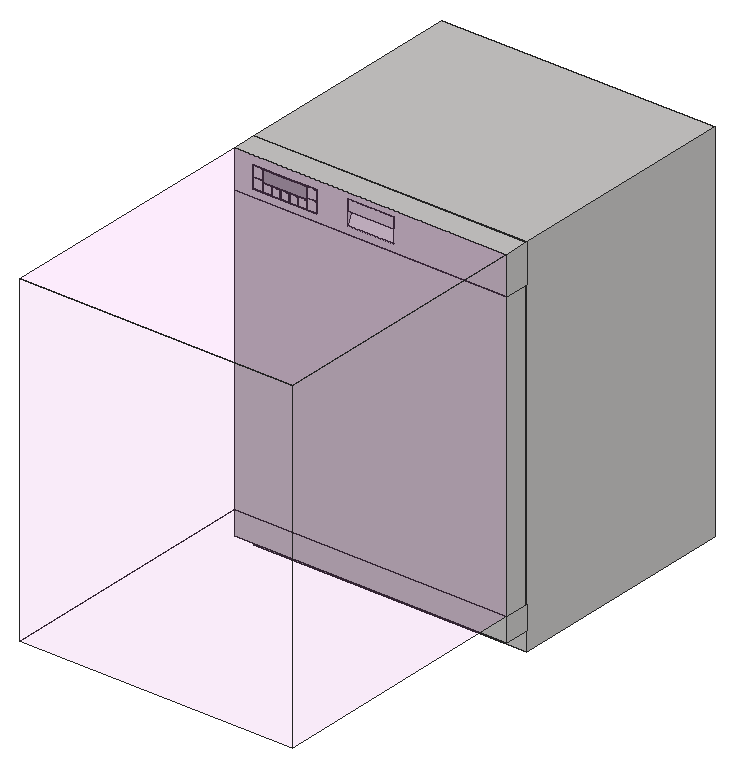
Revit family "QF_Summit_DW2435SSADA_Dishwasher", category Specialty Equipment, Revit 2020
Family settings
  Round Connector Dimension = Use Diameter
  Part Type = Normal
  Work Plane-Based = No
  Always vertical = Yes
  Cut with Voids When Loaded = No
  Shared = No
  Room Calculation Point = No
Parameters
  Weight in Pounds = 95
  Watts = if(Phase = 3, Volts * FL Amps * 1.73, Volts * FL Amps)  # 1380 W
  Waste Water Discharge Temperature = -459.67 °F
  Volts = 115 V
  URL Cutsheet = ""
  Specification by User = ""
  Specification by Manufacturer = ""
  Show Door Clearance [instance] = yes
  Serial Number = ""
  Seismic Rating = ""
  SMACNA No = ""
  Revision Code = ""
  Plumbing Remarks = ""
  Plumbing Connection Type = ""
  Phase = 1
  Number of Poles = 1
  NAFEM Spec ID Number = ""
  Model = "DW2435SSADA"
  Min Ckt Ampacity = 0 A
  Max Overcurrent Protection = 0 A
  Masterspec = ""
  Manufacturer = "Summit"
  Length = 23 1/2"
  Item Number = ""
  Installed By = ""
  Indirect Waste Size = 1/2"
  Indirect Waste Flow = 0 GPM
  Indirect Waste Connection Type = ""
  Indirect Waste Connection Height = 0"
  Identify Quantity as Lot = yes
  Height [instance] = 32"
  HP = ""
  Furnished By = ""
  Foodservice Equipment Identifier = yes
  FL Amps = 12 A
  Electrical Remarks = ""
  Electric Connection Type = ""
  Elec Conn RI Height = 0"
  Elec Conn Connection Height = 0"
  Description = "Dishwasher"
  Depth = 22 3/8"
  Default Elevation = 0"
  Cycle = 60 Hz
  Conn Plug = ""
  Conn Conduit = yes
  Cold Water Temperature Recommended = -459.67 °F
  Cold Water Size = 1/2"
  Cold Water RI Height = 0"
  Cold Water Minimum Pressure = 0.00 psi
  Cold Water Maximum Pressure = 0.00 psi
  Cold Water Flow = 0 GPM
  Cold Water Consumption = ""
  Cold Water Connection Height = 0"
  CSI MasterFormat = ""
  Apparent Power = if(Phase = 3, Volts * FL Amps * 1.73, Volts * FL Amps)  # 1380 VA
Reference planes (in)
  plane 1 "BACK": y = 0
  plane 2: z = 0
  plane 3 "LEFT": x = 0
  plane 4 "RIGHT": x = 23.5
  plane 5 "FRONT": y = -22.375
  plane 6 "TOP": z = 32
  plane 7 "Center Y": x = 11.75
  plane 8 "Center X": y = -11.1875
  plane 9: y = -20.25
  plane 10: y = -45.5
  plane 11: z = 4
  plane 12: z = 28.75
  plane 13: z = 0.375
Forms (in)
  Extrusion 1, solid, material "QF_Metal_Stainless_Polished"
    sketch origin (20.625, -22.375, 4.125) x (-1, 0, 0) y (0, 0, -1)
      loop
        line (10.85346, -27.375) -> (10.85346, -26.42763) -> (6.89844, -26.42763) -> (6.89844, -27.375) -> (10.85346, -27.375)
    from 0 to -0.0625
  Extrusion 2, solid, material "QF_Metal_Stainless_Polished"
    sketch origin (-8.01619, -180, -0.125) x (-1, 0, 0) y (0, -1, 0)
      loop
        line (-8.01619, -180) -> (-8.01619, -159.75) -> (-31.51619, -159.75) -> (-31.51619, -180) -> (-8.01619, -180)
    from 0.5 to 32.125
  Extrusion 3, solid, material "QF_Metal_Stainless_Polished"
    sketch origin (-9.94716, -22.5, 45.75) x (-1, 0, 0) y (0, 0, 1)
      loop
        line (-9.94716, -17) -> (-33.44716, -17) -> (-33.44716, -41.75) -> (-9.94716, -41.75) -> (-9.94716, -17)
    from 0.125 to 2
  Extrusion 4, solid, material "QF_Metal_Stainless_Polished"
    sketch origin (-9.94716, -20.5, 45.75) x (-1, 0, 0) y (0, 0, 1)
      loop
        line (-10.44716, -17.5) -> (-32.94716, -17.5) -> (-32.94716, -41.25) -> (-10.44716, -41.25) -> (-10.44716, -17.5)
    from 0 to 0.25
  Extrusion 5, solid, material "QF_Metal_Stainless_Polished"
    sketch origin (7.59129, 0, -2.09375) x (1, 0, 0) y (0, 0, 1)
      loop
        circle (3.97121, 3.73901) r 0.5
    from 0 to -0.25
  Extrusion 6, solid, material "QF_Metal_Stainless_Polished"
    sketch origin (-1.34375, 0, -2.09375) x (1, 0, 0) y (0, 0, 1)
      loop
        circle (6.84621, 3.73901) r 0.5
    from 0 to -0.25
  Extrusion 7, solid, material "QF_Metal_Stainless_Polished"
    sketch origin (7.67307, 0, -2.09375) x (1, 0, 0) y (0, 0, 1)
      loop
        circle (6.87746, 3.73901) r 0.34934
    from 0 to -0.25
  Extrusion 8, solid, material "QF_Clearances_Door_Drawer", visible <- "Show Door Clearance"
    sketch origin (-8.01619, -180, 3.625) x (-1, 0, 0) y (0, -1, 0)
      loop
        line (-8.01619, -157.625) -> (-8.01619, -134.5) -> (-31.51619, -134.5) -> (-31.51619, -157.625) -> (-8.01619, -157.625)
    from 0.375 to 28.375
  Extrusion 9, solid, material "QF_Metal_Stainless_Polished"
    sketch origin (23.5, -20.25, -0.125) x (-1, 0, 0) y (0, 0, -1)
      loop
        line (23.5, -32.125) -> (23.5, -28.875) -> (0, -28.875) -> (0, -32.125) -> (23.5, -32.125)
    from 0 to 2.125
  Extrusion 10, void
    sketch origin (11.75, 6.90541, 45.75) x (0, 1, 0) y (0, 0, 1)
      loop
        line (-29.28041, -14.25) -> (-29.28041, -16.33224) -> (-28.43913, -14.25) -> (-29.28041, -14.25)
    from -1.97846 to 1.97656
  Extrusion 11, solid, material "QF_Plastic_Black_Smooth"
    sketch origin (0.875, -22.375, -0.125) x (1, 0, 0) y (0, 0, 1)
      loop
        line (6.23659, 31.38651) -> (0.73659, 31.38651) -> (0.73659, 30.44901) -> (0.73659, 29.54276) -> (6.23659, 29.54276) -> (6.23659, 30.44901) -> (6.23659, 31.38651)
      loop
        line (5.39456, 30.26151) -> (4.63884, 30.26151) -> (4.63884, 29.57401) -> (5.39456, 29.57401) -> (5.39456, 30.26151)
      loop
        line (3.88884, 30.26151) -> (3.88884, 29.57401) -> (4.60759, 29.57401) -> (4.60759, 30.26151) -> (3.88884, 30.26151)
      loop
        line (5.42581, 31.35526) -> (5.42581, 30.48026) -> (6.20534, 30.48026) -> (6.20534, 31.35526) -> (5.42581, 31.35526)
      loop
        line (5.42581, 29.57401) -> (6.20534, 29.57401) -> (6.20534, 30.44901) -> (5.42581, 30.44901) -> (5.42581, 29.57401)
      loop
        line (3.85759, 30.26151) -> (3.48659, 30.26151) -> (3.11558, 30.26151) -> (3.11558, 29.57401) -> (3.85759, 29.57401) -> (3.85759, 30.26151)
      loop
        line (5.39456, 31.35526) -> (3.48826, 31.35526) -> (1.57862, 31.35526) -> (1.57862, 30.29276) -> (5.39456, 30.29276) -> (5.39456, 31.35526)
      loop
        line (1.57862, 30.26151) -> (1.57862, 29.57401) -> (2.33433, 29.57401) -> (2.33433, 30.26151) -> (1.57862, 30.26151)
      loop
        line (3.08433, 30.26151) -> (2.36558, 30.26151) -> (2.36558, 29.57401) -> (3.08433, 29.57401) -> (3.08433, 30.26151)
      loop
        line (1.54737, 31.35526) -> (0.76784, 31.35526) -> (0.76784, 30.48026) -> (1.54737, 30.48026) -> (1.54737, 31.35526)
      loop
        line (1.54737, 29.57401) -> (1.54737, 30.44901) -> (0.76784, 30.44901) -> (0.76784, 29.57401) -> (1.54737, 29.57401)
    from 0 to 0.03125
  Extrusion 12, solid, material "QF_Metal_Stainless_Polished"
    sketch origin (0.875, -22.375, -0.125) x (1, 0, 0) y (0, 0, 1)
      loop
        line (6.20534, 31.35526) -> (5.42581, 31.35526) -> (5.42581, 30.48026) -> (6.20534, 30.48026) -> (6.20534, 31.35526)
      loop
        line (5.42581, 30.44901) -> (5.42581, 29.57401) -> (6.20534, 29.57401) -> (6.20534, 30.44901) -> (5.42581, 30.44901)
      loop
        line (4.63884, 30.26151) -> (4.63884, 29.57401) -> (5.39456, 29.57401) -> (5.39456, 30.26151) -> (4.63884, 30.26151)
      loop
        line (4.60759, 30.26151) -> (3.88884, 30.26151) -> (3.88884, 29.57401) -> (4.60759, 29.57401) -> (4.60759, 30.26151)
      loop
        line (3.11558, 30.26151) -> (3.11558, 29.57401) -> (3.85759, 29.57401) -> (3.85759, 30.26151) -> (3.11558, 30.26151)
      loop
        line (3.08433, 30.26151) -> (2.36558, 30.26151) -> (2.36558, 29.57401) -> (3.08433, 29.57401) -> (3.08433, 30.26151)
      loop
        line (2.33433, 30.26151) -> (1.57862, 30.26151) -> (1.57862, 29.57401) -> (2.33433, 29.57401) -> (2.33433, 30.26151)
      loop
        line (0.76784, 29.57401) -> (1.54737, 29.57401) -> (1.54737, 30.44901) -> (0.76784, 30.44901) -> (0.76784, 29.57401)
      loop
        line (0.76784, 31.35526) -> (0.76784, 30.48026) -> (1.54737, 30.48026) -> (1.54737, 31.35526) -> (0.76784, 31.35526)
    from 0 to 0.03125
  Extrusion 13, solid, material "QF_Plastic_Gray"
    sketch origin (0.66118, -22.375, -0.125) x (1, 0, 0) y (0, 0, 1)
      loop
        line (5.60838, 31.35526) -> (1.79244, 31.35526) -> (1.79244, 30.29276) -> (5.60838, 30.29276) -> (5.60838, 31.35526)
    from 0 to 0.03125
  Extrusion 14, solid, material "QF_Metal_Stainless_Polished"
    sketch origin (23.5, -20.25, -0.5625) x (-1, 0, 0) y (0, 0, -1)
      loop
        line (23.5, -2.5625) -> (0, -2.5625) -> (0, -4.5625) -> (23.5, -4.5625) -> (23.5, -2.5625)
    from 0 to 2.125
  Revolve 15, solid, material "QF_Metal_Stainless_Polished"
    sketch origin (0, -2, -1.75) x (1, 0, 0) y (0, 0, 1)
      loop
        line (1.73437, 1.75) -> (1.73437, 2.125) -> (1.1733, 2.125) -> (1.1733, 2) -> (1, 2) -> (1, 1.75) -> (1.73437, 1.75)
      axis (1.73437, 2.125) -> (1.73437, 1.75)
    angle from 0 to 360
  Revolve 16, solid, material "QF_Metal_Stainless_Polished"
    sketch origin (0, -18.25, -1.75) x (1, 0, 0) y (0, 0, 1)
      loop
        line (1.73437, 1.75) -> (1.73437, 2.125) -> (1.1733, 2.125) -> (1.1733, 2) -> (1, 2) -> (1, 1.75) -> (1.73437, 1.75)
      axis (1.73437, 2.125) -> (1.73437, 1.75)
    angle from 0 to 360
  Revolve 17, solid, material "QF_Metal_Stainless_Polished"
    sketch origin (23.5, -2, -1.75) x (-1, 0, 0) y (0, 0, -1)
      loop
        line (1.73437, -1.75) -> (1, -1.75) -> (1, -2) -> (1.1733, -2) -> (1.1733, -2.125) -> (1.73437, -2.125) -> (1.73437, -1.75)
      axis (1.73437, -2.125) -> (1.73437, -1.75)
    angle from 0 to 360
  Revolve 18, solid, material "QF_Metal_Stainless_Polished"
    sketch origin (23.5, -18.25, -1.75) x (-1, 0, 0) y (0, 0, -1)
      loop
        line (1.73437, -1.75) -> (1, -1.75) -> (1, -2) -> (1.1733, -2) -> (1.1733, -2.125) -> (1.73437, -2.125) -> (1.73437, -1.75)
      axis (1.73437, -2.125) -> (1.73437, -1.75)
    angle from 0 to 360
Cuts and joins
  Extrusion 10 cuts Extrusion 8
  Extrusion 10 cuts Extrusion 9
Lines and regions (in)
  symbolic lines
    curve 1: line (0, 0, 0) -> (23.5, 0, 0)
    curve 2: line (0, -22.375, 0) -> (0, 0, 0)
    curve 3: line (23.5, -22.375, 0) -> (0, -22.375, 0)
    curve 4: line (23.5, 0, 0) -> (23.5, -22.375, 0)
    curve 5: line (23.5, -20.25, 0) -> (0, -20.25, 0)
  symbolic lines, style "QF_Clearances_Door_Drawer", visible <- "Show Door Clearance"
    curve 6: line (0, -22.375, 0) -> (0, -45.5, 0)
    curve 7: line (0, -45.5, 0) -> (23.5, -45.5, 0)
    curve 8: line (23.5, -45.5, 0) -> (23.5, -22.375, 0)
Dimensions and locks (in)
  equal spacing: plane 3 "LEFT", plane 7 "Center Y", plane 4 "RIGHT"
  "Length": plane 3 "LEFT" to plane 4 "RIGHT"
  equal spacing: plane 5 "FRONT", plane 8 "Center X", plane 1 "BACK"
  "Depth": plane 5 "FRONT" to plane 1 "BACK"
  "Height": plane 6 "TOP" to level
  plane 9 to plane 1 "BACK" = 20 1/4"
  plane 10 to plane 1 "BACK" = 45 1/2"
  locked: plane 6 "TOP" to plane 11 at 28
  plane 4 "RIGHT" to plane 3 "LEFT" = 23 1/2"
  locked: plane 6 "TOP" to plane 12 at 3.25
  locked: plane 13 to plane 2 at 0.375
  aligned and locked: level to plane 2
Automatic sketch dimensions
  Extrusion 1 sketch curve to Extrusion 1 sketch curve = 3.95502"
  Extrusion 1 sketch curve to plane 6 "TOP" = 1/2"
  plane 7 "Center Y" to Extrusion 1 sketch curve = 1 125/128"
  Extrusion 1 sketch curve to Extrusion 1 sketch curve = 0.94737"
  plane 1 "BACK" to curve 1 = 0"
  curve 1 to plane 3 "LEFT" = 0"
  curve 4 to plane 4 "RIGHT" = 0"
  curve 7 to plane 10 = 0"
  plane 5 "FRONT" to curve 3 = 0"
  curve 5 to plane 9 = 0"
  plane 1 "BACK" to Extrusion 2 sketch curve = 0"
  Extrusion 2 sketch curve to plane 4 "RIGHT" = 0"
  Extrusion 2 sketch curve to plane 3 "LEFT" = 0"
  Extrusion 2 sketch curve to plane 9 = 0"
  plane 4 "RIGHT" to Extrusion 3 sketch curve = 0"
  Extrusion 3 sketch curve to plane 3 "LEFT" = 0"
  plane 11 to Extrusion 3 sketch curve = 0"
  Extrusion 3 sketch curve to plane 6 "TOP" = 3 1/4"
  Extrusion 4 sketch curve to Extrusion 3 = 1/2"  (x4)
  Extrusion 5 sketch curve to plane 7 "Center Y" = 3/16"
  Extrusion 5 sketch curve to plane 11 = 2.35474"
  Extrusion 6 sketch curve to plane 11 = 2.35474"
  plane 3 "LEFT" to Extrusion 6 sketch curve = 5.50246"
  plane 7 "Center Y" to Extrusion 7 sketch curve = 2.80052"
  Extrusion 7 sketch curve to plane 11 = 2.35474"
  Extrusion 8 sketch curve to plane 4 "RIGHT" = 0"
  Extrusion 8 sketch curve to plane 3 "LEFT" = 0"
  plane 5 "FRONT" to Extrusion 8 sketch curve = 0"
  Extrusion 8 sketch curve to plane 10 = 0"
  Extrusion 9 sketch curve to Extrusion 2 = 0"  (x3)
  Extrusion 2 to Extrusion 9 sketch curve = 3 1/4"
  Extrusion 10 sketch curve to plane 5 "FRONT" = 0"
  Extrusion 10 sketch curve to plane 5 "FRONT" = 0.84128"
  Extrusion 10 sketch curve to plane 6 "TOP" = 2.58224"
  Extrusion 10 sketch curve to Extrusion 10 sketch curve = 2.08224"
  Extrusion 11 sketch curve to Extrusion 9 = 0.73849"
  Extrusion 11 sketch curve to Extrusion 9 = 1.61159"
  Extrusion 11 sketch curve to Extrusion 11 sketch curve = 1/32"  (x14)
  Extrusion 11 sketch curve to Extrusion 11 sketch curve = 0"  (x14)
  Extrusion 11 sketch curve to Extrusion 11 sketch curve = 0.77953"  (x2)
  Extrusion 11 sketch curve to Extrusion 11 sketch curve = 0.75572"  (x2)
  Extrusion 11 sketch curve to Extrusion 11 sketch curve = 23/32"  (x2)
  Extrusion 11 sketch curve to Extrusion 11 sketch curve = 0.371"
  Extrusion 11 sketch curve to Extrusion 11 sketch curve = 0.00168"
  Extrusion 11 sketch curve to Extrusion 11 sketch curve = 0.74201"
  Extrusion 11 sketch curve to Extrusion 9 = 0.76974"
  Extrusion 11 sketch curve to Extrusion 11 sketch curve = 7/8"  (x2)
  Extrusion 11 sketch curve to Extrusion 11 sketch curve = 5/32"
  Extrusion 11 sketch curve to Extrusion 11 sketch curve = 11/16"  (x4)
  Extrusion 11 sketch curve to Extrusion 9 = 0.69901"
  Extrusion 12 sketch curve to Extrusion 9 = 0.69901"  (x4)
  Extrusion 12 sketch curve to Extrusion 9 = 1.64284"
  Extrusion 12 sketch curve to Extrusion 12 sketch curve = 0"  (x7)
  Extrusion 12 sketch curve to Extrusion 12 sketch curve = 0.77953"  (x2)
  Extrusion 12 sketch curve to Extrusion 12 sketch curve = 1/32"  (x9)
  Extrusion 12 sketch curve to Extrusion 12 sketch curve = 0.75572"  (x2)
  Extrusion 12 sketch curve to Extrusion 12 sketch curve = 23/32"  (x2)
  Extrusion 12 sketch curve to Extrusion 12 sketch curve = 0.74201"
  Extrusion 12 sketch curve to Extrusion 12 sketch curve = 11/16"  (x4)
  Extrusion 12 sketch curve to Extrusion 12 sketch curve = 3/16"  (x2)
  Extrusion 12 sketch curve to Extrusion 9 = 0.76974"  (x2)
  Extrusion 13 sketch curve to Extrusion 9 = 0.76974"
  Extrusion 13 sketch curve to Extrusion 9 = 2.45362"
  Extrusion 13 sketch curve to Extrusion 9 = 1.41776"
  Extrusion 13 sketch curve to Extrusion 13 sketch curve = 3.81594"
  Extrusion 14 sketch curve to Extrusion 2 = 0"  (x2)
  Extrusion 2 to Extrusion 14 sketch curve = 3 5/8"
  Extrusion 14 sketch curve to Extrusion 14 sketch curve = 2"
  Revolve 15 sketch curve to level = 0"  (x2)
  Revolve 15 sketch curve to plane 13 = 0"
  Revolve 15 sketch curve to plane 13 = 1/8"
  plane 3 "LEFT" to Revolve 15 sketch curve = 1"
  Revolve 15 sketch curve to Revolve 15 sketch curve = 0.1733"
  Revolve 15 sketch curve to Revolve 15 sketch curve = 0.56107"
  Revolve 15 sketch curve to Revolve 15 sketch curve = 0"
  Revolve 15 sketch curve to level = 1/4"
  Revolve 16 sketch curve to level = 0"  (x2)
  Revolve 16 sketch curve to plane 13 = 0"
  Revolve 16 sketch curve to plane 13 = 1/8"
  plane 3 "LEFT" to Revolve 16 sketch curve = 1"
  Revolve 16 sketch curve to Revolve 16 sketch curve = 0.1733"
  Revolve 16 sketch curve to Revolve 16 sketch curve = 0.56107"
  Revolve 16 sketch curve to Revolve 16 sketch curve = 0"
  Revolve 16 sketch curve to Revolve 16 sketch curve = 1/4"
  Revolve 17 sketch curve to level = 0"  (x2)
  Revolve 17 sketch curve to plane 13 = 0"
  Revolve 17 sketch curve to plane 13 = 1/8"
  plane 4 "RIGHT" to Revolve 17 sketch curve = 1"
  Revolve 17 sketch curve to Revolve 17 sketch curve = 0.1733"
  Revolve 17 sketch curve to Revolve 17 sketch curve = 0.56107"
  Revolve 17 sketch curve to Revolve 17 sketch curve = 0"
  Revolve 17 sketch curve to Revolve 17 sketch curve = 1/4"
  Revolve 18 sketch curve to level = 0"  (x2)
  Revolve 18 sketch curve to plane 13 = 0"
  Revolve 18 sketch curve to plane 13 = 1/8"
  plane 4 "RIGHT" to Revolve 18 sketch curve = 1"
  Revolve 18 sketch curve to Revolve 18 sketch curve = 0.1733"
  Revolve 18 sketch curve to Revolve 18 sketch curve = 0.56107"
  Revolve 18 sketch curve to Revolve 18 sketch curve = 0"
  Revolve 18 sketch curve to Revolve 18 sketch curve = 1/4"
  radius of Extrusion 5 sketch curve = 1/2"
  radius of Extrusion 6 sketch curve = 1/2"
  radius of Extrusion 7 sketch curve = 0.34934"
Connectors (in)
  piping at (5.50246, 0.25, 1.64526), diameter 0.5, driven by "Cold Water Size"
    settings: on Extrusion 6, index 3, connector inside diameter 24", connector length 0", flow factor 0, pipe flow 0 GPM, pressure drop 0.00 psi, fitting loss kfactor 0, connector angle 0.00°, fixture units 0, engagement length 0", angle of deflection 0.00°, flow configuration 1, flow direction 1, fitting loss method 0, system type 20, joint type 0, gender type 0, connector reference index -1, connector utility 0, adjustable connector no, is connector primary yes, connector description ""
  piping at (11.5625, 0.25, 1.64526), diameter 0.5, driven by "Indirect Waste Size"
    settings: on Extrusion 5, index 4, connector inside diameter 24", connector length 0", flow factor 0, pipe flow 0 GPM, pressure drop 0.00 psi, fitting loss kfactor 0, connector angle 0.00°, fixture units 0, engagement length 0", angle of deflection 0.00°, flow configuration 1, flow direction 2, fitting loss method 0, system type 16, joint type 0, gender type 0, connector reference index -1, connector utility 0, adjustable connector no, is connector primary no, connector description ""
  electrical at (14.55052, 0.25, 1.64526), driven by "Volts", driven by "Watts"
    settings: on Extrusion 7, index 5, voltage 115 V, apparent load 1380 VA, apparent load phase1 0 VA, apparent load phase2 0 VA, apparent load phase3 0 VA, power factor 1, load classification "Other", number of poles 1, system type 30, power factor state 1, is connector primary yes, connector utility no, sub classification motor no, connector description "Electrical Connection"
